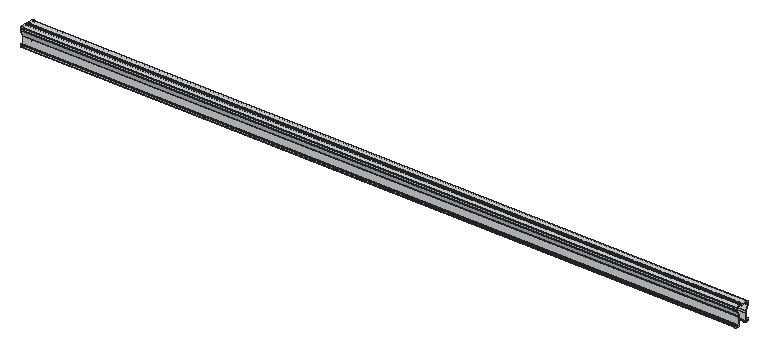
Revit family "43TSC3.00 18g Top Chord", category Structural Framing, Revit 2020
Family settings
  Section Shape = Not Defined
  Material for Model Behavior = Steel
  Always export as geometry = No
  OmniClass Number = 23.25.30.11.14.14
  OmniClass Title = Beams
  Always vertical = Yes
  Cut with Voids When Loaded = No
  Symbolic Representation = From Family
  Shared = No
  Show family pre-cut in plan views = Yes
Parameters
  Weight lbs per ft [instance] = 1.5838
  URL = "https://www.trussteel.com/details_files/pdf/ts008a.pdf"
  Total Member Weight lbs [instance] = Length / 1' 0" * Weight lbs per ft  # 15.838
  Structural Material = ASTM A653 SS Grade 55 G90
  Steel Design Thickness (in) [instance] = 0.0451
  Model = "43TSC3.00"
  Manufacturer = "TrusSteel"
  Length [instance] = 10' - 0"
  Fy (ksi) [instance] = 55
  Fu (ksi) [instance] = 65
  Description = "Chord"
  Cross Section Area (in2) [instance] = 0.4658
  Beam Width = 0' - 2 1/2"
  Beam Height = 0' - 3"
Reference planes (in)
  plane 1 "Center (Front/Back)": y = 0
  plane 2 "Center El.": z = 0
  plane 3 "Center (Left/Right)": x = 0
  plane 4 "Left": x = -60
  plane 5 "Right": x = 60
Forms (in)
  Extrusion 1, solid
    sketch origin (0, 0, 0) x (0, 1, 0) y (0, 0, 1)
      loop
        arc (1.1109, -0.0451) -> (1.17737, -0.07263) -> (1.2049, -0.1391) r 0.094
        line (1.2049, -0.1391) -> (1.2049, -0.41436)
        arc (1.2049, -0.41436) -> (1.19696, -0.4885) -> (1.17349, -0.55928) r 0.35
        line (1.17349, -0.55928) -> (0.78546, -1.41227)
        arc (0.78546, -1.41227) -> (0.75897, -1.49217) -> (0.75, -1.57587) r 0.3951
        line (0.75, -1.57587) -> (0.75, -2.8949)
        arc (0.75, -2.8949) -> (0.78078, -2.96922) -> (0.8551, -3) r 0.1051
        line (0.8551, -3) -> (1.1449, -3)
        arc (1.1449, -3) -> (1.21922, -2.96922) -> (1.25, -2.8949) r 0.1051
        line (1.25, -2.8949) -> (1.25, -2.7301)
        arc (1.25, -2.7301) -> (1.21922, -2.65578) -> (1.1449, -2.625) r 0.1051
        line (1.1449, -2.625) -> (1, -2.625) -> (1, -2.6701) -> (1.1449, -2.6701)
        arc (1.1449, -2.6701) -> (1.18733, -2.68767) -> (1.2049, -2.7301) r 0.06
        line (1.2049, -2.7301) -> (1.2049, -2.8949)
        arc (1.2049, -2.8949) -> (1.18733, -2.93733) -> (1.1449, -2.9549) r 0.06
        line (1.1449, -2.9549) -> (0.8551, -2.9549)
        arc (0.8551, -2.9549) -> (0.81267, -2.93733) -> (0.7951, -2.8949) r 0.06
        line (0.7951, -2.8949) -> (0.7951, -1.57587)
        arc (0.7951, -1.57587) -> (0.80304, -1.50172) -> (0.82651, -1.43094) r 0.35
        line (0.82651, -1.43094) -> (1.21454, -0.57796)
        arc (1.21454, -0.57796) -> (1.24103, -0.49806) -> (1.25, -0.41436) r 0.3951
        line (1.25, -0.41436) -> (1.25, -0.1391)
        arc (1.25, -0.1391) -> (1.20926, -0.04074) -> (1.1109, 0) r 0.1391
        line (1.1109, 0) -> (0.245, 0)
        arc (0.245, 0) -> (0.19269, -0.01257) -> (0.15181, -0.04755) r 0.1151
        arc (0.15181, -0.04755) -> (0, -0.125) -> (-0.15181, -0.04755) r 0.1875
        arc (-0.15181, -0.04755) -> (-0.19269, -0.01257) -> (-0.245, 0) r 0.1151
        line (-0.245, 0) -> (-1.1109, 0)
        arc (-1.1109, 0) -> (-1.20926, -0.04074) -> (-1.25, -0.1391) r 0.1391
        line (-1.25, -0.1391) -> (-1.25, -0.41436)
        arc (-1.25, -0.41436) -> (-1.24103, -0.49806) -> (-1.21454, -0.57796) r 0.3951
        line (-1.21454, -0.57796) -> (-0.82651, -1.43094)
        arc (-0.82651, -1.43094) -> (-0.80304, -1.50172) -> (-0.7951, -1.57587) r 0.35
        line (-0.7951, -1.57587) -> (-0.7951, -2.8949)
        arc (-0.7951, -2.8949) -> (-0.81267, -2.93733) -> (-0.8551, -2.9549) r 0.06
        line (-0.8551, -2.9549) -> (-1.1449, -2.9549)
        arc (-1.1449, -2.9549) -> (-1.18733, -2.93733) -> (-1.2049, -2.8949) r 0.06
        line (-1.2049, -2.8949) -> (-1.2049, -2.7301)
        arc (-1.2049, -2.7301) -> (-1.18733, -2.68767) -> (-1.1449, -2.6701) r 0.06
        line (-1.1449, -2.6701) -> (-1, -2.6701) -> (-1, -2.625) -> (-1.1449, -2.625)
        arc (-1.1449, -2.625) -> (-1.21922, -2.65578) -> (-1.25, -2.7301) r 0.1051
        line (-1.25, -2.7301) -> (-1.25, -2.8949)
        arc (-1.25, -2.8949) -> (-1.21922, -2.96922) -> (-1.1449, -3) r 0.1051
        line (-1.1449, -3) -> (-0.8551, -3)
        arc (-0.8551, -3) -> (-0.78078, -2.96922) -> (-0.75, -2.8949) r 0.1051
        line (-0.75, -2.8949) -> (-0.75, -1.57587)
        arc (-0.75, -1.57587) -> (-0.75897, -1.49217) -> (-0.78546, -1.41227) r 0.3951
        line (-0.78546, -1.41227) -> (-1.17349, -0.55928)
        arc (-1.17349, -0.55928) -> (-1.19696, -0.4885) -> (-1.2049, -0.41436) r 0.35
        line (-1.2049, -0.41436) -> (-1.2049, -0.1391)
        arc (-1.2049, -0.1391) -> (-1.17737, -0.07263) -> (-1.1109, -0.0451) r 0.094
        line (-1.1109, -0.0451) -> (-0.245, -0.0451)
        arc (-0.245, -0.0451) -> (-0.21319, -0.05275) -> (-0.18832, -0.07402) r 0.07
        arc (-0.18832, -0.07402) -> (0, -0.1701) -> (0.18832, -0.07402) r 0.2326
        arc (0.18832, -0.07402) -> (0.21319, -0.05275) -> (0.245, -0.0451) r 0.07
        line (0.245, -0.0451) -> (1.1109, -0.0451)
    from -60 to 60
Dimensions and locks (in)
  equal spacing: plane 4 "Left", plane 3 "Center (Left/Right)", plane 5 "Right"
  "Length": plane 4 "Left" to plane 5 "Right"
  "Beam Width": Extrusion 1 to Extrusion 1
  "Beam Height": Extrusion 1 to Extrusion 1
  aligned and locked: level to plane 2 "Center El."
  aligned and locked: plane 4 "Left" to Extrusion 1
  aligned and locked: Extrusion 1 to plane 5 "Right"
Automatic sketch dimensions
  Extrusion 1 sketch curve to Extrusion 1 sketch curve = 0' - 0"  (x34)
  Extrusion 1 sketch curve to level = 0' - 0"  (x2)
  Extrusion 1 sketch curve to plane 1 "Center (Front/Back)" = 0' - 0"
  Extrusion 1 sketch curve to level = 0' - 0.1151"
  plane 1 "Center (Front/Back)" to Extrusion 1 sketch curve = 0' - 0.245"
  plane 1 "Center (Front/Back)" to Extrusion 1 sketch curve = 0' - 0 3/4"
  Extrusion 1 sketch curve to Extrusion 1 sketch curve = 0' - 0.03546"  (x2)
  Extrusion 1 sketch curve to Extrusion 1 sketch curve = 0' - 0.0451"  (x2)
  Extrusion 1 sketch curve to Extrusion 1 sketch curve = 0' - 0.04105"  (x2)
  Extrusion 1 sketch curve to Extrusion 1 sketch curve = 0' - 0.6099"  (x2)
  Extrusion 1 sketch curve to Extrusion 1 sketch curve = 0' - 0.06"  (x4)
  Extrusion 1 sketch curve to Extrusion 1 sketch curve = 0' - 0.1449"  (x4)
  Extrusion 1 sketch curve to level = 0' - 0.0451"  (x2)
  Extrusion 1 sketch curve to Extrusion 1 sketch curve = 0' - 0.256"  (x2)
  Extrusion 1 sketch curve to Extrusion 1 sketch curve = 0' - 0.35"  (x2)
  Extrusion 1 sketch curve to level = 0' - 0.55928"  (x2)
  Extrusion 1 sketch curve to Extrusion 1 sketch curve = 0' - 0.31859"
  Extrusion 1 sketch curve to Extrusion 1 sketch curve = 0' - 0.03141"  (x2)
  Extrusion 1 sketch curve to level = 0' - 0.57796"  (x2)
  Extrusion 1 sketch curve to plane 1 "Center (Front/Back)" = 0' - 0.245"
  Extrusion 1 sketch curve to plane 1 "Center (Front/Back)" = 0' - 0 3/4"
  Extrusion 1 sketch curve to level = 0' - 0.1391"
  Extrusion 1 sketch curve to Extrusion 1 sketch curve = 0' - 0.85299"  (x2)
  Extrusion 1 sketch curve to Extrusion 1 sketch curve = 0' - 1.04913"  (x2)
  Extrusion 1 sketch curve to Extrusion 1 sketch curve = 0' - 0.1648"  (x2)
  Extrusion 1 sketch curve to Extrusion 1 sketch curve = 0' - 0.07"
  level to Extrusion 1 sketch curve = 0' - 0 1/16"
